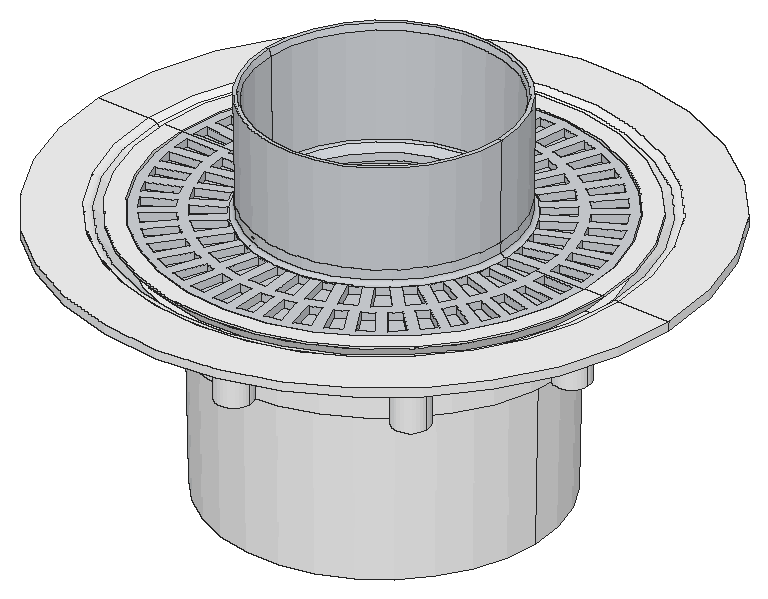
Revit family "3000.125 & 126 DPJ 100x150", category Plumbing Fixtures, Revit 2019
Family settings
  Round Connector Dimension = Use Diameter
  Part Type = Normal
  OmniClass Number = 23.45.00.00
  Work Plane-Based = No
  Always vertical = Yes
  Cut with Voids When Loaded = No
  Shared = No
  Room Calculation Point = No
Parameters (values of type "DPJ 100x150v")
  Waste Connection = yes
  Vent Connection = no
  V = not(NV)  # yes
  URL = "www.aquaknight.co.nz"
  Phone = "+6498322214"  # constant formula
  NV = no
  Model = "3000.125"
  Manufacturer = "Aquanight Industries Ltd"  # constant formula
  Inlet = 25.5 mm
  HW Connection = no
  Email = "info@aquaknight.co.nz"  # constant formula
  Description = "DownPipe Junction 100 x150 vented"
  CW Connection = no
Types (2, lengths in mm): name | V | NV | Model | Inlet | Description
  DPJ 100x150v | yes | no | "3000.125" | 25.5 | "DownPipe Junction 100 x150 vented"
  DPJ 100x150nv | no | yes | "3000.126" | 29.5 | "DownPipe Junction 150 x150 non-vented"
Reference planes
  plane 1 "Center (Front/Back)": y = 0
  plane 2: z = 0
  plane 3 "Center (Left/Right)": x = 0
  plane 4: z = -82.169
  plane 5: z = 25.5
Forms (mm)
  Revolve 1, solid, material "Plastic, Glossy White"
    sketch origin (0, 0, -4) x (1, 0, 0) y (0, 0, 1)
      loop
        line (100.065, -12.627) -> (84.899, -12.627) -> (84.899, -34.638) -> (78.498, -34.638)
        arc (78.498, -34.638) -> (74.999, -36.066) -> (73.499, -39.535) r 5
        line (73.499, -39.535) -> (71.887, -117.73) -> (75.352, -117.73) -> (76.937, -41.191)
        arc (76.937, -41.191) -> (77.704, -39.405) -> (79.503, -38.669) r 2.566
        line (79.503, -38.669) -> (88.828, -38.669) -> (88.828, -19.345) -> (100.327, -19.345)
        arc (100.327, -19.345) -> (102.992, -18.242) -> (104.095, -15.577) r 3.768
        line (104.095, -15.577) -> (104.095, -11.777) -> (115.842, -0.031) -> (141.078, -0.031) -> (141.078, 4) -> (116.336, 4)
        arc (116.336, 4) -> (114.328, 3.584) -> (112.65, 2.404) r 5.052
        line (112.65, 2.404) -> (100.065, -10.108) -> (100.065, -12.627)
      loop
        line (84.5, -5) -> (100.5, -5) -> (108.637, 3.137) -> (108.637, 4) -> (100.25, 4) -> (100.25, -0.5) -> (84.5, -0.5) -> (84.5, -5)
      axis (0, 4) -> (0, -117.73)
    angle from 0 to 360
  Extrusion 2, solid, material "Plastic, Glossy White", detail levels fine
    sketch origin (0, 0, -4) x (1, 0, 0) y (0, 1, 0)
      loop
        circle (67.55, 0) r 8.2
      loop
        circle (33.775, 58.5) r 8.2
      loop
        circle (33.775, -58.5) r 8.2
      loop
        circle (-67.55, 0) r 8.2
      loop
        circle (-33.775, 58.5) r 8.2
      loop
        circle (-33.775, -58.5) r 8.2
    from -38.379 to -12.5
  Extrusion 3, void
    sketch origin (0, -279.02, 0) x (1, 0, 0) y (0, 1, 0)
      loop
        line (-0.945, 339.379) -> (4.908, 339.379) -> (6.697, 354.227) -> (-1.771, 354.503) -> (-0.945, 339.379)
      loop
        line (-11.412, 338.298) -> (-5.648, 339.314) -> (-6.464, 354.247) -> (-14.852, 353.049) -> (-11.412, 338.298)
      loop
        line (-21.532, 335.416) -> (-16.033, 337.418) -> (-19.429, 351.982) -> (-27.481, 349.345) -> (-21.532, 335.416)
      loop
        line (-30.998, 330.82) -> (-25.93, 333.746) -> (-31.804, 347.499) -> (-39.276, 343.505) -> (-30.998, 330.82)
      loop
        line (-39.522, 324.65) -> (-35.039, 328.412) -> (-43.212, 340.936) -> (-49.877, 335.705) -> (-39.522, 324.65)
      loop
        line (-46.845, 317.094) -> (-43.083, 321.578) -> (-53.307, 332.492) -> (-58.962, 326.183) -> (-46.845, 317.094)
      loop
        line (-52.745, 308.381) -> (-49.819, 313.45) -> (-61.782, 322.423) -> (-66.256, 315.228) -> (-52.745, 308.381)
      loop
        line (-57.042, 298.776) -> (-55.041, 304.276) -> (-68.381, 311.035) -> (-71.537, 303.172) -> (-57.042, 298.776)
      loop
        line (-59.606, 288.571) -> (-58.59, 294.334) -> (-72.901, 298.675) -> (-74.644, 290.383) -> (-59.606, 288.571)
      loop
        line (-60.359, 278.075) -> (-60.359, 283.928) -> (-75.207, 285.717) -> (-75.483, 277.249) -> (-60.359, 278.075)
      loop
        line (-59.278, 267.608) -> (-60.294, 273.372) -> (-75.227, 272.556) -> (-74.029, 264.168) -> (-59.278, 267.608)
      loop
        line (-56.396, 257.488) -> (-58.398, 262.988) -> (-72.962, 259.591) -> (-70.325, 251.539) -> (-56.396, 257.488)
      loop
        line (-51.8, 248.022) -> (-54.726, 253.09) -> (-68.479, 247.216) -> (-64.485, 239.744) -> (-51.8, 248.022)
      loop
        line (-45.63, 239.498) -> (-49.392, 243.981) -> (-61.916, 235.808) -> (-56.685, 229.143) -> (-45.63, 239.498)
      loop
        line (-38.074, 232.175) -> (-42.557, 235.937) -> (-53.472, 225.713) -> (-47.163, 220.058) -> (-38.074, 232.175)
      loop
        line (-29.361, 226.275) -> (-34.43, 229.201) -> (-43.403, 217.238) -> (-36.208, 212.764) -> (-29.361, 226.275)
      loop
        line (-19.756, 221.978) -> (-25.256, 223.979) -> (-32.015, 210.639) -> (-24.152, 207.483) -> (-19.756, 221.978)
      loop
        line (-9.551, 219.414) -> (-15.314, 220.43) -> (-19.655, 206.119) -> (-11.363, 204.376) -> (-9.551, 219.414)
      loop
        line (0.945, 218.661) -> (-4.908, 218.661) -> (-6.697, 203.813) -> (1.771, 203.537) -> (0.945, 218.661)
      loop
        line (11.412, 219.742) -> (5.648, 218.726) -> (6.464, 203.793) -> (14.852, 204.991) -> (11.412, 219.742)
      loop
        line (21.532, 222.624) -> (16.033, 220.623) -> (19.429, 206.058) -> (27.481, 208.695) -> (21.532, 222.624)
      loop
        line (30.998, 227.22) -> (25.93, 224.294) -> (31.804, 210.541) -> (39.276, 214.535) -> (30.998, 227.22)
      loop
        line (39.522, 233.39) -> (35.039, 229.628) -> (43.212, 217.104) -> (49.877, 222.335) -> (39.522, 233.39)
      loop
        line (46.845, 240.946) -> (43.083, 236.463) -> (53.307, 225.548) -> (58.962, 231.857) -> (46.845, 240.946)
      loop
        line (52.745, 249.659) -> (49.819, 244.59) -> (61.782, 235.617) -> (66.256, 242.812) -> (52.745, 249.659)
      loop
        line (57.042, 259.264) -> (55.041, 253.764) -> (68.381, 247.005) -> (71.537, 254.868) -> (57.042, 259.264)
      loop
        line (59.606, 269.469) -> (58.59, 263.706) -> (72.901, 259.365) -> (74.644, 267.657) -> (59.606, 269.469)
      loop
        line (60.359, 279.965) -> (60.359, 274.113) -> (75.207, 272.323) -> (75.483, 280.791) -> (60.359, 279.965)
      loop
        line (59.278, 290.432) -> (60.294, 284.668) -> (75.227, 285.484) -> (74.029, 293.872) -> (59.278, 290.432)
      loop
        line (56.396, 300.552) -> (58.398, 295.053) -> (72.962, 298.449) -> (70.325, 306.501) -> (56.396, 300.552)
      loop
        line (51.8, 310.018) -> (54.726, 304.95) -> (68.479, 310.824) -> (64.485, 318.296) -> (51.8, 310.018)
      loop
        line (45.63, 318.542) -> (49.392, 314.059) -> (61.916, 322.232) -> (56.685, 328.897) -> (45.63, 318.542)
      loop
        line (38.074, 325.865) -> (42.557, 322.103) -> (53.472, 332.327) -> (47.163, 337.982) -> (38.074, 325.865)
      loop
        line (29.361, 331.765) -> (34.43, 328.839) -> (43.403, 340.802) -> (36.208, 345.276) -> (29.361, 331.765)
      loop
        line (19.756, 336.062) -> (25.256, 334.061) -> (32.015, 347.401) -> (24.152, 350.557) -> (19.756, 336.062)
      loop
        line (9.551, 338.626) -> (15.314, 337.61) -> (19.655, 351.921) -> (11.363, 353.664) -> (9.551, 338.626)
    from -4 to 0
  Revolve 4, solid, visible <- "V"
    sketch origin (0, 0, 0) x (1, 0, 0) y (0, 0, 1)
      loop
        line (55.916, 48.223) -> (55.292, 0.577)
        arc (55.292, 0.577) -> (55.159, -0.061) -> (54.795, -0.601) r 1.698
        line (54.795, -0.601) -> (51.761, -3.636) -> (51.461, -7.06) -> (51.548, -8.048) -> (52.974, -8.048) -> (55.827, -4.5) -> (99.5, -4.5) -> (99.5, -0.5) -> (60.182, -0.5)
        arc (60.182, -0.5) -> (58.77, 0.07) -> (58.152, 1.46) r 2.031
        line (58.152, 1.46) -> (57.962, 5.895) -> (58.555, 51.208) -> (56.758, 51.208) -> (55.916, 48.223)
      axis (0, 51.208) -> (0, -8.048)
    angle from 0 to 360
  Revolve 5, solid, material "Stainless Steel", visible <- "NV"
    sketch origin (0, 0, 0) x (1, 0, 0) y (0, 0, 1)
      loop
        line (-55.749, 53.513) -> (-56.351, 55.647) -> (-58.405, 55.647) -> (-57.814, 10.531) -> (-57.978, 5.83)
        arc (-57.978, 5.83) -> (-58.588, 4.461) -> (-59.977, 3.9) r 2
        line (-59.977, 3.9) -> (-108.5, 3.9) -> (-108.5, 0) -> (-55.655, 0) -> (-52.578, -3.54) -> (-51.583, -3.54) -> (-51.583, 0.864) -> (-55.106, 4.387) -> (-55.749, 53.513)
      axis (0, 55.647) -> (0, -3.54)
    angle from 0 to 360
  Extrusion 6, void
    sketch origin (-225, -279.02, 0) x (1, 0, 0) y (0, 1, 0)
      loop
        line (226.472, 359.164) -> (232.256, 358.868) -> (234.049, 373.739) -> (226.307, 374.161) -> (226.472, 359.164)
      loop
        line (215.998, 358.67) -> (221.772, 359.132) -> (221.608, 374.11) -> (213.878, 373.518) -> (215.998, 358.67)
      loop
        line (205.679, 356.814) -> (211.343, 358.025) -> (209.225, 372.853) -> (201.639, 371.258) -> (205.679, 356.814)
      loop
        line (195.69, 353.627) -> (201.147, 355.567) -> (197.112, 369.992) -> (189.799, 367.419) -> (195.69, 353.627)
      loop
        line (186.203, 349.163) -> (191.36, 351.798) -> (185.477, 365.573) -> (178.562, 362.068) -> (186.203, 349.163)
      loop
        line (177.379, 343.498) -> (182.148, 346.785) -> (174.518, 359.674) -> (168.119, 355.296) -> (177.379, 343.498)
      loop
        line (169.37, 336.731) -> (173.67, 340.612) -> (164.422, 352.395) -> (158.65, 347.219) -> (169.37, 336.731)
      loop
        line (162.314, 328.976) -> (166.07, 333.385) -> (155.363, 343.86) -> (150.315, 337.976) -> (162.314, 328.976)
      loop
        line (156.329, 320.367) -> (159.478, 325.228) -> (147.495, 334.216) -> (143.259, 327.723) -> (156.329, 320.367)
      loop
        line (151.52, 311.05) -> (154.007, 316.28) -> (140.954, 323.627) -> (137.601, 316.637) -> (151.52, 311.05)
      loop
        line (147.968, 301.184) -> (149.751, 306.695) -> (135.851, 312.275) -> (133.439, 304.907) -> (147.968, 301.184)
      loop
        line (145.734, 290.94) -> (146.782, 296.636) -> (132.273, 300.354) -> (130.844, 292.735) -> (145.734, 290.94)
      loop
        line (144.856, 280.492) -> (145.152, 286.276) -> (130.281, 288.069) -> (129.859, 280.327) -> (144.856, 280.492)
      loop
        line (145.35, 270.018) -> (144.888, 275.792) -> (129.91, 275.628) -> (130.502, 267.898) -> (145.35, 270.018)
      loop
        line (147.206, 259.699) -> (145.995, 265.363) -> (131.167, 263.245) -> (132.762, 255.659) -> (147.206, 259.699)
      loop
        line (150.394, 249.71) -> (148.453, 255.168) -> (134.029, 251.132) -> (136.601, 243.819) -> (150.394, 249.71)
      loop
        line (154.858, 240.223) -> (152.222, 245.38) -> (138.447, 239.497) -> (141.952, 232.582) -> (154.858, 240.223)
      loop
        line (160.522, 231.399) -> (157.235, 236.169) -> (144.346, 228.538) -> (148.724, 222.139) -> (160.522, 231.399)
      loop
        line (167.289, 223.391) -> (163.408, 227.69) -> (151.625, 218.442) -> (156.801, 212.67) -> (167.289, 223.391)
      loop
        line (175.044, 216.334) -> (170.635, 220.09) -> (160.16, 209.383) -> (166.045, 204.335) -> (175.044, 216.334)
      loop
        line (183.653, 210.349) -> (178.792, 213.498) -> (169.804, 201.515) -> (176.297, 197.279) -> (183.653, 210.349)
      loop
        line (192.971, 205.54) -> (187.74, 208.027) -> (180.393, 194.974) -> (187.383, 191.622) -> (192.971, 205.54)
      loop
        line (202.836, 201.988) -> (197.325, 203.771) -> (191.745, 189.871) -> (199.113, 187.459) -> (202.836, 201.988)
      loop
        line (213.08, 199.754) -> (207.384, 200.802) -> (203.666, 186.293) -> (211.285, 184.864) -> (213.08, 199.754)
      loop
        line (223.528, 198.876) -> (217.744, 199.172) -> (215.951, 184.301) -> (223.693, 183.879) -> (223.528, 198.876)
      loop
        line (234.002, 199.37) -> (228.228, 198.908) -> (228.392, 183.93) -> (236.122, 184.522) -> (234.002, 199.37)
      loop
        line (244.321, 201.226) -> (238.657, 200.015) -> (240.775, 185.187) -> (248.361, 186.782) -> (244.321, 201.226)
      loop
        line (254.31, 204.414) -> (248.853, 202.473) -> (252.888, 188.049) -> (260.201, 190.621) -> (254.31, 204.414)
      loop
        line (263.797, 208.878) -> (258.64, 206.242) -> (264.523, 192.467) -> (271.438, 195.972) -> (263.797, 208.878)
      loop
        line (272.621, 214.542) -> (267.852, 211.255) -> (275.482, 198.366) -> (281.881, 202.744) -> (272.621, 214.542)
      loop
        line (280.63, 221.309) -> (276.33, 217.428) -> (285.578, 205.645) -> (291.35, 210.821) -> (280.63, 221.309)
      loop
        line (287.686, 229.064) -> (283.93, 224.655) -> (294.637, 214.18) -> (299.685, 220.065) -> (287.686, 229.064)
      loop
        line (293.671, 237.674) -> (290.522, 232.812) -> (302.505, 223.824) -> (306.741, 230.317) -> (293.671, 237.674)
      loop
        line (298.48, 246.991) -> (295.993, 241.76) -> (309.046, 234.413) -> (312.399, 241.403) -> (298.48, 246.991)
      loop
        line (302.032, 256.856) -> (300.249, 251.345) -> (314.149, 245.765) -> (316.561, 253.133) -> (302.032, 256.856)
      loop
        line (304.266, 267.1) -> (303.218, 261.404) -> (317.727, 257.686) -> (319.156, 265.305) -> (304.266, 267.1)
      loop
        line (305.144, 277.548) -> (304.848, 271.764) -> (319.719, 269.972) -> (320.141, 277.713) -> (305.144, 277.548)
      loop
        line (304.65, 288.022) -> (305.112, 282.248) -> (320.09, 282.412) -> (319.498, 290.142) -> (304.65, 288.022)
      loop
        line (302.794, 298.341) -> (304.005, 292.677) -> (318.833, 294.795) -> (317.238, 302.381) -> (302.794, 298.341)
      loop
        line (299.606, 308.33) -> (301.547, 302.873) -> (315.971, 306.908) -> (313.399, 314.221) -> (299.606, 308.33)
      loop
        line (295.142, 317.817) -> (297.778, 312.66) -> (311.553, 318.543) -> (308.048, 325.458) -> (295.142, 317.817)
      loop
        line (289.478, 326.641) -> (292.765, 321.872) -> (305.654, 329.503) -> (301.276, 335.901) -> (289.478, 326.641)
      loop
        line (282.711, 334.65) -> (286.592, 330.35) -> (298.375, 339.598) -> (293.199, 345.37) -> (282.711, 334.65)
      loop
        line (274.956, 341.706) -> (279.365, 337.95) -> (289.84, 348.657) -> (283.955, 353.705) -> (274.956, 341.706)
      loop
        line (266.347, 347.691) -> (271.208, 344.542) -> (280.196, 356.525) -> (273.703, 360.761) -> (266.347, 347.691)
      loop
        line (257.029, 352.5) -> (262.26, 350.013) -> (269.607, 363.066) -> (262.617, 366.419) -> (257.029, 352.5)
      loop
        line (247.164, 356.052) -> (252.675, 354.269) -> (258.255, 368.169) -> (250.887, 370.581) -> (247.164, 356.052)
      loop
        line (236.92, 358.286) -> (242.616, 357.238) -> (246.334, 371.747) -> (238.715, 373.177) -> (236.92, 358.286)
    from -4 to 0
  Extrusion 7, solid, material "Plastic, Glossy White", detail levels fine
    sketch origin (0, 0, 0) x (1, 0, 0) y (0, 1, 0)
      loop
        circle (-93.033, 0) r 8.135
      loop
        circle (93.033, 0) r 8.135
      loop
        circle (0, 93.033) r 8.135
      loop
        circle (0, -93.033) r 8.135
      loop
        circle (-65.785, 65.785) r 8.135
      loop
        circle (65.785, -65.785) r 8.135
      loop
        circle (65.785, 65.785) r 8.135
      loop
        circle (-65.785, -65.785) r 8.135
    from -15.777 to -42.669
Cuts and joins
  Extrusion 3, Extrusion 6 cuts Revolve 4
  Extrusion 6 cuts Revolve 5
Lines and regions (mm)
  Masking region 1
    outline origin (0, 0, 0) x (1, 0, 0) y (0, 1, 0)
      loop
        circle (0, 0) r 141.078
  symbolic lines, style "PlumbingFixtures", detail levels fine
    curve 1: circle (0, 132.524, 0) r 4.294 normal (0, 0, 1)
    curve 2: circle (-93.709, 93.709, 0) r 4.294 normal (0, 0, 1)
    curve 3: circle (-132.524, 0, 0) r 4.294 normal (0, 0, 1)
    curve 4: circle (-93.709, -93.709, 0) r 4.294 normal (0, 0, 1)
    curve 5: circle (0, -132.524, 0) r 4.294 normal (0, 0, 1)
    curve 6: circle (93.709, -93.709, 0) r 4.294 normal (0, 0, 1)
    curve 7: circle (132.524, 0, 0) r 4.294 normal (0, 0, 1)
    curve 8: circle (93.709, 93.709, 0) r 4.294 normal (0, 0, 1)
  symbolic lines
    curve 9: circle (0, 0, 0) r 50 normal (0, 0, 1)
    curve 12: circle (0, 0, 0) r 112.65 normal (0, 0, 1)
  symbolic lines, visible <- "V"
    curve 10: circle (0, 0, 0) r 60 normal (0, 0, 1)
    curve 11: circle (0, 0, 0) r 95 normal (0, 0, 1)
Dimensions and locks
  locked: connector elem to plane 1 "Center (Front/Back)" at 0
  locked: connector elem to plane 3 "Center (Left/Right)" at 0
  "Inlet": plane 5 to level
  cut or joined group of Revolve 5, Extrusion 6 to level = 55.647 mm
  cut or joined group of Extrusion 3, Revolve 4, Extrusion 6 to level = 51.208 mm
  locked: connector elem to plane 3 "Center (Left/Right)"
  locked: connector elem to plane 1 "Center (Front/Back)"
  aligned and locked: level to plane 2
  aligned and locked: Revolve 4 sketch curve to plane 3 "Center (Left/Right)"
  aligned and locked: Revolve 5 sketch curve to plane 3 "Center (Left/Right)"
Automatic sketch dimensions
  Revolve 1 sketch curve to plane 3 "Center (Left/Right)" = 0 mm
  Revolve 1 sketch curve to level = 0 mm  (x2)
  Revolve 1 sketch curve to plane 4 = 39.561 mm
  plane 3 "Center (Left/Right)" to Revolve 1 sketch curve = 71.887 mm
  plane 3 "Center (Left/Right)" to Revolve 1 sketch curve = 73.499 mm
  Revolve 1 sketch curve to Revolve 1 sketch curve = 3.466 mm
  Revolve 1 sketch curve to Revolve 1 sketch curve = 3.439 mm
  Revolve 1 sketch curve to Revolve 1 sketch curve = 1.561 mm
  Revolve 1 sketch curve to Revolve 1 sketch curve = 1.005 mm
  Revolve 1 sketch curve to level = 4.5 mm
  Revolve 1 sketch curve to Revolve 1 sketch curve = 6.002 mm
  Revolve 1 sketch curve to Revolve 1 sketch curve = 6.401 mm
  Revolve 1 sketch curve to Revolve 1 sketch curve = 3.929 mm
  Revolve 1 sketch curve to Revolve 1 sketch curve = 11.237 mm
  Revolve 1 sketch curve to Revolve 1 sketch curve = 0.185 mm
  Revolve 1 sketch curve to Revolve 1 sketch curve = 0.263 mm
  Revolve 1 sketch curve to Revolve 1 sketch curve = 0.25 mm
  Revolve 1 sketch curve to Revolve 1 sketch curve = 4.031 mm
  Revolve 1 sketch curve to level = 0.863 mm
  Revolve 1 sketch curve to Revolve 1 sketch curve = 8.387 mm
  Revolve 1 sketch curve to level = 1.596 mm
  Revolve 1 sketch curve to Revolve 1 sketch curve = 4.013 mm
  Revolve 1 sketch curve to Revolve 1 sketch curve = 3.192 mm
  Revolve 1 sketch curve to Revolve 1 sketch curve = 0.494 mm
  Revolve 1 sketch curve to level = 4.031 mm
  Revolve 1 sketch curve to Revolve 1 sketch curve = 24.742 mm
  Revolve 1 sketch curve to Revolve 1 sketch curve = 40.735 mm
  Revolve 1 sketch curve to Revolve 1 sketch curve = 0.044 mm
  Revolve 1 sketch curve to Revolve 1 sketch curve = 0.969 mm
  Revolve 1 sketch curve to Revolve 1 sketch curve = 18.845 mm
  Revolve 1 sketch curve to Revolve 1 sketch curve = 6.718 mm
  Revolve 1 sketch curve to Revolve 1 sketch curve = 3.8 mm
  Revolve 1 sketch curve to Revolve 1 sketch curve = 2.519 mm
  Revolve 1 sketch curve to Revolve 1 sketch curve = 4.5 mm
  Revolve 1 sketch curve to Revolve 1 sketch curve = 322.37 mm
  level to Revolve 1 sketch curve = 2441.244 mm
  plane 1 "Center (Front/Back)" to Extrusion 2 sketch curve = 0 mm  (x2)
  Extrusion 2 sketch curve to plane 3 "Center (Left/Right)" = 67.55 mm
  Extrusion 2 sketch curve to plane 3 "Center (Left/Right)" = 33.775 mm  (x2)
  plane 3 "Center (Left/Right)" to Extrusion 2 sketch curve = 33.775 mm  (x2)
  Extrusion 2 sketch curve to Extrusion 2 sketch curve = 33.775 mm
  plane 1 "Center (Front/Back)" to Extrusion 2 sketch curve = 58.5 mm  (x2)
  Extrusion 2 sketch curve to plane 1 "Center (Front/Back)" = 58.5 mm  (x2)
  Revolve 4 sketch curve to level = 7.06 mm
  plane 3 "Center (Left/Right)" to Revolve 4 sketch curve = 51.461 mm
  Revolve 4 sketch curve to Revolve 4 sketch curve = 0.086 mm
  Revolve 4 sketch curve to level = 3.636 mm
  Revolve 4 sketch curve to Revolve 4 sketch curve = 0.3 mm
  Revolve 4 sketch curve to level = 8.048 mm
  Revolve 4 sketch curve to Revolve 4 sketch curve = 1.426 mm
  level to Revolve 4 sketch curve = 0.599 mm
  Revolve 4 sketch curve to Revolve 4 sketch curve = 1.834 mm
  Revolve 4 sketch curve to level = 0.601 mm
  Revolve 4 sketch curve to Revolve 4 sketch curve = 1.2 mm
  level to Revolve 4 sketch curve = 0.577 mm
  Revolve 4 sketch curve to Revolve 4 sketch curve = 1.031 mm
  plane 3 "Center (Left/Right)" to Revolve 4 sketch curve = 55.916 mm
  Revolve 4 sketch curve to Revolve 4 sketch curve = 0.842 mm
  level to Revolve 4 sketch curve = 1.46 mm
  Revolve 4 sketch curve to Revolve 4 sketch curve = 2.859 mm
  Revolve 4 sketch curve to Revolve 4 sketch curve = 1.797 mm
  Revolve 4 sketch curve to Revolve 4 sketch curve = 2.03 mm
  Revolve 4 sketch curve to level = 0.5 mm
  Revolve 4 sketch curve to Revolve 4 sketch curve = 39.318 mm
  Revolve 4 sketch curve to Revolve 4 sketch curve = 3.899 mm
  Revolve 4 sketch curve to Revolve 4 sketch curve = 46.763 mm
  Revolve 4 sketch curve to Revolve 4 sketch curve = 2.985 mm
  level to Revolve 4 sketch curve = 5.895 mm
  Revolve 4 sketch curve to Revolve 4 sketch curve = 0.189 mm
  level to Revolve 4 sketch curve = 5.9 mm
  Revolve 4 sketch curve to plane 4 = 357.931 mm
  Revolve 4 sketch curve to Revolve 4 sketch curve = 2394.036 mm
  Revolve 5 sketch curve to level = 0 mm
  Revolve 5 sketch curve to level = 3.54 mm
  Revolve 5 sketch curve to plane 3 "Center (Left/Right)" = 51.583 mm
  Revolve 5 sketch curve to Revolve 5 sketch curve = 0.995 mm
  level to Revolve 5 sketch curve = 4.387 mm
  Revolve 5 sketch curve to Revolve 5 sketch curve = 3.522 mm
  Revolve 5 sketch curve to Revolve 5 sketch curve = 4.072 mm
  Revolve 5 sketch curve to plane 3 "Center (Left/Right)" = 55.749 mm
  Revolve 5 sketch curve to Revolve 5 sketch curve = 0.602 mm
  level to Revolve 5 sketch curve = 5.83 mm
  Revolve 5 sketch curve to Revolve 5 sketch curve = 2.873 mm
  Revolve 5 sketch curve to Revolve 5 sketch curve = 2.054 mm
  Revolve 5 sketch curve to Revolve 5 sketch curve = 1.999 mm
  level to Revolve 5 sketch curve = 3.9 mm
  Revolve 5 sketch curve to Revolve 5 sketch curve = 48.523 mm
  level to Revolve 5 sketch curve = 0.864 mm
  Revolve 5 sketch curve to Revolve 5 sketch curve = 47.683 mm
  Revolve 5 sketch curve to Revolve 5 sketch curve = 2.134 mm
  level to Revolve 5 sketch curve = 10.531 mm
  Revolve 5 sketch curve to plane 4 = 357.931 mm
  Revolve 5 sketch curve to Revolve 5 sketch curve = 2389.596 mm
  Revolve 5 sketch curve to Revolve 5 sketch curve = 0.164 mm
  Extrusion 6 sketch curve to plane 1 "Center (Front/Back)" = 1.307 mm
  Extrusion 6 sketch curve to plane 3 "Center (Left/Right)" = 95.141 mm
  plane 1 "Center (Front/Back)" to Extrusion 6 sketch curve = 3.392 mm
  Extrusion 6 sketch curve to Extrusion 6 sketch curve = 0.052 mm  (x4)
  Extrusion 6 sketch curve to plane 1 "Center (Front/Back)" = 9.049 mm
  Extrusion 6 sketch curve to Extrusion 6 sketch curve = 0.422 mm
  plane 1 "Center (Front/Back)" to Extrusion 6 sketch curve = 11.122 mm
  Extrusion 6 sketch curve to Extrusion 6 sketch curve = 0.592 mm  (x4)
  Extrusion 6 sketch curve to plane 1 "Center (Front/Back)" = 13.715 mm
  Extrusion 6 sketch curve to Extrusion 6 sketch curve = 0.562 mm  (x4)
  plane 1 "Center (Front/Back)" to Extrusion 6 sketch curve = 15.775 mm
  Extrusion 6 sketch curve to Extrusion 6 sketch curve = 0.664 mm  (x4)
  Extrusion 6 sketch curve to plane 1 "Center (Front/Back)" = 21.334 mm
  Extrusion 6 sketch curve to Extrusion 6 sketch curve = 1.429 mm  (x4)
  plane 1 "Center (Front/Back)" to Extrusion 6 sketch curve = 23.361 mm
  Extrusion 6 sketch curve to Extrusion 6 sketch curve = 1.596 mm  (x4)
  Extrusion 6 sketch curve to plane 1 "Center (Front/Back)" = 25.887 mm
  Extrusion 6 sketch curve to Extrusion 6 sketch curve = 1.167 mm  (x4)
  plane 1 "Center (Front/Back)" to Extrusion 6 sketch curve = 27.888 mm
  Extrusion 6 sketch curve to Extrusion 6 sketch curve = 1.266 mm  (x4)
  Extrusion 6 sketch curve to plane 1 "Center (Front/Back)" = 33.255 mm
  Extrusion 6 sketch curve to Extrusion 6 sketch curve = 2.411 mm  (x4)
  plane 1 "Center (Front/Back)" to Extrusion 6 sketch curve = 35.201 mm
  Extrusion 6 sketch curve to Extrusion 6 sketch curve = 2.572 mm  (x4)
  Extrusion 6 sketch curve to plane 1 "Center (Front/Back)" = 37.617 mm
  Extrusion 6 sketch curve to Extrusion 6 sketch curve = 1.751 mm  (x4)
  plane 1 "Center (Front/Back)" to Extrusion 6 sketch curve = 39.523 mm
  Extrusion 6 sketch curve to Extrusion 6 sketch curve = 1.846 mm  (x4)
  Extrusion 6 sketch curve to Extrusion 6 sketch curve = 3.352 mm  (x4)
  Extrusion 6 sketch curve to Extrusion 6 sketch curve = 3.505 mm  (x4)
  Extrusion 6 sketch curve to Extrusion 6 sketch curve = 2.305 mm  (x4)
  Extrusion 6 sketch curve to Extrusion 6 sketch curve = 2.394 mm  (x4)
  Extrusion 6 sketch curve to plane 1 "Center (Front/Back)" = 1.472 mm
  Extrusion 6 sketch curve to Extrusion 6 sketch curve = 14.997 mm
  plane 1 "Center (Front/Back)" to Extrusion 6 sketch curve = 3.228 mm
  Extrusion 6 sketch curve to Extrusion 6 sketch curve = 0.032 mm  (x4)
  Extrusion 6 sketch curve to plane 1 "Center (Front/Back)" = 7.256 mm
  Extrusion 6 sketch curve to Extrusion 6 sketch curve = 0.296 mm
  plane 1 "Center (Front/Back)" to Extrusion 6 sketch curve = 9.002 mm
  Extrusion 6 sketch curve to Extrusion 6 sketch curve = 0.462 mm  (x4)
  Extrusion 6 sketch curve to plane 1 "Center (Front/Back)" = 11.92 mm
  Extrusion 6 sketch curve to Extrusion 6 sketch curve = 0.582 mm  (x4)
  plane 1 "Center (Front/Back)" to Extrusion 6 sketch curve = 13.657 mm
  Extrusion 6 sketch curve to Extrusion 6 sketch curve = 0.645 mm  (x4)
  Extrusion 6 sketch curve to plane 1 "Center (Front/Back)" = 17.616 mm
  Extrusion 6 sketch curve to Extrusion 6 sketch curve = 1.048 mm  (x4)
  plane 1 "Center (Front/Back)" to Extrusion 6 sketch curve = 19.321 mm
  Extrusion 6 sketch curve to Extrusion 6 sketch curve = 1.211 mm  (x4)
  Extrusion 6 sketch curve to Extrusion 6 sketch curve = 4.236 mm  (x4)
  Extrusion 6 sketch curve to plane 1 "Center (Front/Back)" = 22.164 mm
  Extrusion 6 sketch curve to Extrusion 6 sketch curve = 1.186 mm  (x4)
  plane 1 "Center (Front/Back)" to Extrusion 6 sketch curve = 23.853 mm
  Extrusion 6 sketch curve to Extrusion 6 sketch curve = 1.247 mm  (x4)
  Extrusion 6 sketch curve to Extrusion 6 sketch curve = 4.377 mm  (x4)
  Extrusion 6 sketch curve to plane 1 "Center (Front/Back)" = 27.675 mm
  Extrusion 6 sketch curve to Extrusion 6 sketch curve = 1.783 mm  (x4)
  Extrusion 6 sketch curve to Extrusion 6 sketch curve = 2.82 mm  (x4)
  plane 1 "Center (Front/Back)" to Extrusion 6 sketch curve = 29.31 mm
  Extrusion 6 sketch curve to Extrusion 6 sketch curve = 1.94 mm  (x4)
  Extrusion 6 sketch curve to plane 1 "Center (Front/Back)" = 32.029 mm
  Extrusion 6 sketch curve to Extrusion 6 sketch curve = 1.769 mm  (x4)
  Extrusion 6 sketch curve to Extrusion 6 sketch curve = 2.902 mm  (x4)
  plane 1 "Center (Front/Back)" to Extrusion 6 sketch curve = 33.64 mm
  Extrusion 6 sketch curve to Extrusion 6 sketch curve = 1.828 mm  (x4)
  Extrusion 6 sketch curve to Extrusion 6 sketch curve = 2.487 mm  (x4)
  Extrusion 6 sketch curve to Extrusion 6 sketch curve = 2.636 mm  (x4)
  Extrusion 6 sketch curve to Extrusion 6 sketch curve = 5.047 mm  (x4)
  Extrusion 6 sketch curve to Extrusion 6 sketch curve = 2.322 mm  (x4)
  Extrusion 6 sketch curve to Extrusion 6 sketch curve = 5.175 mm  (x4)
  Extrusion 6 sketch curve to Extrusion 6 sketch curve = 2.378 mm  (x4)
  Extrusion 6 sketch curve to Extrusion 6 sketch curve = 3.287 mm  (x8)
  Extrusion 6 sketch curve to Extrusion 6 sketch curve = 3.149 mm  (x4)
  Extrusion 6 sketch curve to Extrusion 6 sketch curve = 3.36 mm  (x4)
  Extrusion 6 sketch curve to Extrusion 6 sketch curve = 2.836 mm  (x4)
  Extrusion 6 sketch curve to Extrusion 6 sketch curve = 2.886 mm  (x4)
  Extrusion 6 sketch curve to Extrusion 6 sketch curve = 5.772 mm  (x4)
  Extrusion 6 sketch curve to Extrusion 6 sketch curve = 5.884 mm  (x4)
  Extrusion 6 sketch curve to Extrusion 6 sketch curve = 3.756 mm  (x4)
  Extrusion 6 sketch curve to Extrusion 6 sketch curve = 3.881 mm  (x4)
  Extrusion 6 sketch curve to Extrusion 6 sketch curve = 3.697 mm  (x4)
  Extrusion 6 sketch curve to Extrusion 6 sketch curve = 3.301 mm  (x4)
  Extrusion 6 sketch curve to Extrusion 6 sketch curve = 3.76 mm  (x4)
  Extrusion 6 sketch curve to Extrusion 6 sketch curve = 3.346 mm  (x4)
  Extrusion 6 sketch curve to Extrusion 6 sketch curve = 4.3 mm  (x4)
  Extrusion 6 sketch curve to Extrusion 6 sketch curve = 6.398 mm  (x4)
  Extrusion 6 sketch curve to Extrusion 6 sketch curve = 4.409 mm  (x4)
  Extrusion 6 sketch curve to Extrusion 6 sketch curve = 6.493 mm  (x4)
  Extrusion 6 sketch curve to Extrusion 6 sketch curve = 3.709 mm  (x4)
  Extrusion 6 sketch curve to Extrusion 6 sketch curve = 4.044 mm  (x4)
  Extrusion 6 sketch curve to Extrusion 6 sketch curve = 3.748 mm  (x4)
  Extrusion 6 sketch curve to Extrusion 6 sketch curve = 4.096 mm  (x4)
  Extrusion 6 sketch curve to Extrusion 6 sketch curve = 4.769 mm  (x4)
  Extrusion 6 sketch curve to Extrusion 6 sketch curve = 4.862 mm  (x4)
  Extrusion 6 sketch curve to Extrusion 6 sketch curve = 6.915 mm  (x4)
  Extrusion 6 sketch curve to Extrusion 6 sketch curve = 4.054 mm  (x4)
  Extrusion 6 sketch curve to Extrusion 6 sketch curve = 6.99 mm  (x4)
  Extrusion 6 sketch curve to Extrusion 6 sketch curve = 4.086 mm  (x4)
  Extrusion 6 sketch curve to Extrusion 6 sketch curve = 4.322 mm  (x2)
  Extrusion 6 sketch curve to Extrusion 6 sketch curve = 5.157 mm  (x3)
  Extrusion 6 sketch curve to Extrusion 6 sketch curve = 4.362 mm  (x2)
  Extrusion 6 sketch curve to Extrusion 6 sketch curve = 5.231 mm  (x3)
  Extrusion 6 sketch curve to Extrusion 6 sketch curve = 4.33 mm  (x2)
  Extrusion 6 sketch curve to Extrusion 6 sketch curve = 7.313 mm  (x2)
  Extrusion 6 sketch curve to Extrusion 6 sketch curve = 4.354 mm  (x2)
  Extrusion 6 sketch curve to Extrusion 6 sketch curve = 7.368 mm  (x2)
  Extrusion 6 sketch curve to Extrusion 6 sketch curve = 5.457 mm  (x2)
  Extrusion 6 sketch curve to Extrusion 6 sketch curve = 4.526 mm  (x2)
  Extrusion 6 sketch curve to Extrusion 6 sketch curve = 5.511 mm  (x2)
  Extrusion 6 sketch curve to Extrusion 6 sketch curve = 4.553 mm  (x2)
  Extrusion 6 sketch curve to Extrusion 6 sketch curve = 4.531 mm  (x2)
  Extrusion 6 sketch curve to Extrusion 6 sketch curve = 4.548 mm  (x2)
  Extrusion 6 sketch curve to Extrusion 6 sketch curve = 7.587 mm  (x2)
  Extrusion 6 sketch curve to Extrusion 6 sketch curve = 7.62 mm  (x2)
  Extrusion 6 sketch curve to Extrusion 6 sketch curve = 5.664 mm  (x2)
  Extrusion 6 sketch curve to Extrusion 6 sketch curve = 5.696 mm  (x2)
  Extrusion 6 sketch curve to Extrusion 6 sketch curve = 4.653 mm  (x2)
  Extrusion 6 sketch curve to Extrusion 6 sketch curve = 4.666 mm  (x2)
  Extrusion 6 sketch curve to Extrusion 6 sketch curve = 4.655 mm  (x2)
  Extrusion 6 sketch curve to Extrusion 6 sketch curve = 4.664 mm  (x2)
  Extrusion 6 sketch curve to plane 3 "Center (Left/Right)" = 3.392 mm
  Extrusion 6 sketch curve to plane 3 "Center (Left/Right)" = 3.228 mm
  Extrusion 6 sketch curve to plane 3 "Center (Left/Right)" = 1.472 mm
  Extrusion 6 sketch curve to plane 3 "Center (Left/Right)" = 1.307 mm
  plane 3 "Center (Left/Right)" to Extrusion 6 sketch curve = 1.307 mm
  plane 3 "Center (Left/Right)" to Extrusion 6 sketch curve = 1.472 mm
  plane 3 "Center (Left/Right)" to Extrusion 6 sketch curve = 3.228 mm
  plane 3 "Center (Left/Right)" to Extrusion 6 sketch curve = 3.392 mm
  Extrusion 6 sketch curve to Extrusion 6 sketch curve = 5.784 mm
  Extrusion 6 sketch curve to Extrusion 6 sketch curve = 5.774 mm
  Extrusion 6 sketch curve to Extrusion 6 sketch curve = 7.741 mm
  Extrusion 6 sketch curve to Extrusion 6 sketch curve = 7.73 mm
  Extrusion 6 sketch curve to plane 1 "Center (Front/Back)" = 33.64 mm
  plane 1 "Center (Front/Back)" to Extrusion 6 sketch curve = 32.029 mm
  Extrusion 6 sketch curve to plane 1 "Center (Front/Back)" = 29.31 mm
  plane 1 "Center (Front/Back)" to Extrusion 6 sketch curve = 27.675 mm
  Extrusion 6 sketch curve to plane 1 "Center (Front/Back)" = 23.853 mm
  plane 1 "Center (Front/Back)" to Extrusion 6 sketch curve = 22.164 mm
  Extrusion 6 sketch curve to plane 1 "Center (Front/Back)" = 19.321 mm
  plane 1 "Center (Front/Back)" to Extrusion 6 sketch curve = 17.616 mm
  Extrusion 6 sketch curve to plane 1 "Center (Front/Back)" = 13.657 mm
  plane 1 "Center (Front/Back)" to Extrusion 6 sketch curve = 11.92 mm
  Extrusion 6 sketch curve to plane 1 "Center (Front/Back)" = 9.002 mm
  plane 1 "Center (Front/Back)" to Extrusion 6 sketch curve = 7.256 mm
  Extrusion 6 sketch curve to plane 1 "Center (Front/Back)" = 3.228 mm
  plane 1 "Center (Front/Back)" to Extrusion 6 sketch curve = 1.472 mm
  Extrusion 6 sketch curve to plane 1 "Center (Front/Back)" = 39.523 mm
  plane 1 "Center (Front/Back)" to Extrusion 6 sketch curve = 37.617 mm
  Extrusion 6 sketch curve to plane 1 "Center (Front/Back)" = 35.201 mm
  plane 1 "Center (Front/Back)" to Extrusion 6 sketch curve = 33.255 mm
  Extrusion 6 sketch curve to plane 1 "Center (Front/Back)" = 27.888 mm
  plane 1 "Center (Front/Back)" to Extrusion 6 sketch curve = 25.887 mm
  Extrusion 6 sketch curve to plane 1 "Center (Front/Back)" = 23.361 mm
  plane 1 "Center (Front/Back)" to Extrusion 6 sketch curve = 21.334 mm
  Extrusion 6 sketch curve to plane 1 "Center (Front/Back)" = 15.775 mm
  plane 1 "Center (Front/Back)" to Extrusion 6 sketch curve = 13.715 mm
  Extrusion 6 sketch curve to plane 1 "Center (Front/Back)" = 11.122 mm
  plane 1 "Center (Front/Back)" to Extrusion 6 sketch curve = 9.049 mm
  Extrusion 6 sketch curve to plane 1 "Center (Front/Back)" = 3.392 mm
  plane 1 "Center (Front/Back)" to Extrusion 6 sketch curve = 1.307 mm
  Extrusion 6 sketch curve to Extrusion 6 sketch curve = 9.317 mm
  Extrusion 6 sketch curve to Extrusion 6 sketch curve = 9.212 mm
  plane 1 "Center (Front/Back)" to Extrusion 3 sketch curve = 1.771 mm
  Extrusion 3 sketch curve to plane 3 "Center (Left/Right)" = 75.483 mm
  plane 1 "Center (Front/Back)" to Extrusion 3 sketch curve = 6.464 mm
  Extrusion 3 sketch curve to Extrusion 3 sketch curve = 0.256 mm  (x4)
  Extrusion 3 sketch curve to plane 1 "Center (Front/Back)" = 6.697 mm
  Extrusion 3 sketch curve to Extrusion 3 sketch curve = 0.277 mm
  Extrusion 3 sketch curve to plane 1 "Center (Front/Back)" = 11.363 mm
  Extrusion 3 sketch curve to Extrusion 3 sketch curve = 0.562 mm  (x4)
  plane 1 "Center (Front/Back)" to Extrusion 3 sketch curve = 14.852 mm
  Extrusion 3 sketch curve to Extrusion 3 sketch curve = 1.198 mm  (x4)
  plane 1 "Center (Front/Back)" to Extrusion 3 sketch curve = 19.429 mm
  Extrusion 3 sketch curve to Extrusion 3 sketch curve = 1.067 mm  (x4)
  Extrusion 3 sketch curve to plane 1 "Center (Front/Back)" = 19.655 mm
  Extrusion 3 sketch curve to Extrusion 3 sketch curve = 1.743 mm  (x4)
  Extrusion 3 sketch curve to plane 1 "Center (Front/Back)" = 24.152 mm
  Extrusion 3 sketch curve to Extrusion 3 sketch curve = 1.364 mm  (x4)
  plane 1 "Center (Front/Back)" to Extrusion 3 sketch curve = 27.481 mm
  Extrusion 3 sketch curve to Extrusion 3 sketch curve = 2.636 mm  (x4)
  plane 1 "Center (Front/Back)" to Extrusion 3 sketch curve = 31.804 mm
  Extrusion 3 sketch curve to Extrusion 3 sketch curve = 1.846 mm  (x4)
  Extrusion 3 sketch curve to plane 1 "Center (Front/Back)" = 32.015 mm
  Extrusion 3 sketch curve to Extrusion 3 sketch curve = 3.156 mm  (x4)
  Extrusion 3 sketch curve to Extrusion 3 sketch curve = 2.124 mm  (x4)
  Extrusion 3 sketch curve to Extrusion 3 sketch curve = 3.994 mm  (x4)
  Extrusion 3 sketch curve to Extrusion 3 sketch curve = 2.569 mm  (x4)
  Extrusion 3 sketch curve to Extrusion 3 sketch curve = 4.474 mm  (x4)
  Extrusion 3 sketch curve to plane 1 "Center (Front/Back)" = 4.908 mm
  Extrusion 3 sketch curve to Extrusion 3 sketch curve = 14.848 mm
  plane 1 "Center (Front/Back)" to Extrusion 3 sketch curve = 5.648 mm
  Extrusion 3 sketch curve to Extrusion 3 sketch curve = 0.065 mm  (x4)
  Extrusion 3 sketch curve to plane 1 "Center (Front/Back)" = 9.551 mm
  Extrusion 3 sketch curve to Extrusion 3 sketch curve = 0.753 mm
  plane 1 "Center (Front/Back)" to Extrusion 3 sketch curve = 11.412 mm
  Extrusion 3 sketch curve to Extrusion 3 sketch curve = 1.016 mm  (x8)
  Extrusion 3 sketch curve to Extrusion 3 sketch curve = 2.82 mm  (x4)
  Extrusion 3 sketch curve to plane 1 "Center (Front/Back)" = 15.314 mm
  plane 1 "Center (Front/Back)" to Extrusion 3 sketch curve = 16.033 mm
  Extrusion 3 sketch curve to Extrusion 3 sketch curve = 0.881 mm  (x4)
  Extrusion 3 sketch curve to plane 1 "Center (Front/Back)" = 19.756 mm
  Extrusion 3 sketch curve to Extrusion 3 sketch curve = 1.548 mm  (x4)
  Extrusion 3 sketch curve to Extrusion 3 sketch curve = 5.231 mm  (x4)
  plane 1 "Center (Front/Back)" to Extrusion 3 sketch curve = 21.532 mm
  Extrusion 3 sketch curve to Extrusion 3 sketch curve = 2.002 mm  (x8)
  Extrusion 3 sketch curve to plane 1 "Center (Front/Back)" = 25.256 mm
  plane 1 "Center (Front/Back)" to Extrusion 3 sketch curve = 25.93 mm
  Extrusion 3 sketch curve to Extrusion 3 sketch curve = 1.67 mm  (x4)
  Extrusion 3 sketch curve to Extrusion 3 sketch curve = 3.213 mm  (x4)
  Extrusion 3 sketch curve to Extrusion 3 sketch curve = 5.655 mm  (x4)
  Extrusion 3 sketch curve to Extrusion 3 sketch curve = 2.296 mm  (x4)
  Extrusion 3 sketch curve to Extrusion 3 sketch curve = 2.926 mm  (x8)
  Extrusion 3 sketch curve to Extrusion 3 sketch curve = 3.43 mm  (x4)
  Extrusion 3 sketch curve to Extrusion 3 sketch curve = 2.408 mm  (x4)
  Extrusion 3 sketch curve to Extrusion 3 sketch curve = 6.309 mm  (x4)
  Extrusion 3 sketch curve to Extrusion 3 sketch curve = 2.974 mm  (x4)
  Extrusion 3 sketch curve to Extrusion 3 sketch curve = 3.762 mm  (x8)
  Extrusion 3 sketch curve to Extrusion 3 sketch curve = 3.76 mm  (x4)
  Extrusion 3 sketch curve to Extrusion 3 sketch curve = 6.665 mm  (x4)
  Extrusion 3 sketch curve to Extrusion 3 sketch curve = 3.073 mm  (x4)
  Extrusion 3 sketch curve to Extrusion 3 sketch curve = 3.561 mm  (x4)
  Extrusion 3 sketch curve to Extrusion 3 sketch curve = 3.936 mm  (x4)
  Extrusion 3 sketch curve to Extrusion 3 sketch curve = 4.483 mm  (x8)
  Extrusion 3 sketch curve to Extrusion 3 sketch curve = 7.195 mm  (x4)
  Extrusion 3 sketch curve to Extrusion 3 sketch curve = 3.645 mm  (x4)
  Extrusion 3 sketch curve to Extrusion 3 sketch curve = 4.192 mm  (x4)
  Extrusion 3 sketch curve to Extrusion 3 sketch curve = 7.472 mm  (x4)
  Extrusion 3 sketch curve to Extrusion 3 sketch curve = 4.041 mm  (x4)
  Extrusion 3 sketch curve to Extrusion 3 sketch curve = 5.068 mm  (x6)
  Extrusion 3 sketch curve to Extrusion 3 sketch curve = 4.322 mm  (x2)
  Extrusion 3 sketch curve to Extrusion 3 sketch curve = 4.106 mm  (x4)
  Extrusion 3 sketch curve to Extrusion 3 sketch curve = 7.863 mm  (x2)
  Extrusion 3 sketch curve to Extrusion 3 sketch curve = 4.398 mm  (x2)
  Extrusion 3 sketch curve to Extrusion 3 sketch curve = 5.499 mm  (x4)
  Extrusion 3 sketch curve to Extrusion 3 sketch curve = 4.498 mm  (x2)
  Extrusion 3 sketch curve to Extrusion 3 sketch curve = 8.052 mm  (x2)
  Extrusion 3 sketch curve to Extrusion 3 sketch curve = 4.442 mm  (x2)
  Extrusion 3 sketch curve to Extrusion 3 sketch curve = 4.577 mm  (x2)
  Extrusion 3 sketch curve to Extrusion 3 sketch curve = 4.621 mm  (x2)
  Extrusion 3 sketch curve to Extrusion 3 sketch curve = 8.292 mm  (x2)
  Extrusion 3 sketch curve to Extrusion 3 sketch curve = 5.764 mm  (x3)
  Extrusion 3 sketch curve to Extrusion 3 sketch curve = 4.666 mm  (x2)
  Extrusion 3 sketch curve to plane 3 "Center (Left/Right)" = 6.464 mm
  Extrusion 3 sketch curve to plane 3 "Center (Left/Right)" = 5.648 mm
  Extrusion 3 sketch curve to Extrusion 3 sketch curve = 4.643 mm  (x3)
  Extrusion 3 sketch curve to plane 3 "Center (Left/Right)" = 1.771 mm
  Extrusion 3 sketch curve to plane 3 "Center (Left/Right)" = 0.945 mm
  plane 3 "Center (Left/Right)" to Extrusion 3 sketch curve = 0.945 mm
  plane 3 "Center (Left/Right)" to Extrusion 3 sketch curve = 1.771 mm
  plane 3 "Center (Left/Right)" to Extrusion 3 sketch curve = 4.908 mm
  Extrusion 3 sketch curve to Extrusion 3 sketch curve = 4.703 mm
  Extrusion 3 sketch curve to Extrusion 3 sketch curve = 4.693 mm
  plane 3 "Center (Left/Right)" to Extrusion 3 sketch curve = 6.697 mm
  Extrusion 3 sketch curve to Extrusion 3 sketch curve = 8.388 mm
  Extrusion 3 sketch curve to plane 1 "Center (Front/Back)" = 25.93 mm
  plane 1 "Center (Front/Back)" to Extrusion 3 sketch curve = 25.256 mm
  Extrusion 3 sketch curve to plane 1 "Center (Front/Back)" = 21.532 mm
  plane 1 "Center (Front/Back)" to Extrusion 3 sketch curve = 19.756 mm
  Extrusion 3 sketch curve to plane 1 "Center (Front/Back)" = 16.033 mm
  plane 1 "Center (Front/Back)" to Extrusion 3 sketch curve = 15.314 mm
  Extrusion 3 sketch curve to plane 1 "Center (Front/Back)" = 11.412 mm
  plane 1 "Center (Front/Back)" to Extrusion 3 sketch curve = 9.551 mm
  Extrusion 3 sketch curve to plane 1 "Center (Front/Back)" = 5.648 mm
  Extrusion 3 sketch curve to plane 1 "Center (Front/Back)" = 0.945 mm
  plane 1 "Center (Front/Back)" to Extrusion 3 sketch curve = 32.015 mm
  Extrusion 3 sketch curve to plane 1 "Center (Front/Back)" = 31.804 mm
  Extrusion 3 sketch curve to plane 1 "Center (Front/Back)" = 27.481 mm
  plane 1 "Center (Front/Back)" to Extrusion 3 sketch curve = 24.152 mm
  plane 1 "Center (Front/Back)" to Extrusion 3 sketch curve = 19.655 mm
  Extrusion 3 sketch curve to plane 1 "Center (Front/Back)" = 19.429 mm
  Extrusion 3 sketch curve to plane 1 "Center (Front/Back)" = 14.852 mm
  plane 1 "Center (Front/Back)" to Extrusion 3 sketch curve = 11.363 mm
  plane 1 "Center (Front/Back)" to Extrusion 3 sketch curve = 6.697 mm
  Extrusion 3 sketch curve to plane 1 "Center (Front/Back)" = 6.464 mm
  Extrusion 3 sketch curve to plane 1 "Center (Front/Back)" = 1.771 mm
  Extrusion 3 sketch curve to Extrusion 3 sketch curve = 9.174 mm
  Extrusion 3 sketch curve to Extrusion 3 sketch curve = 9.109 mm
  plane 1 "Center (Front/Back)" to Extrusion 3 sketch curve = 0.945 mm
  plane 1 "Center (Front/Back)" to Extrusion 7 sketch curve = 0 mm  (x2)
  Extrusion 7 sketch curve to plane 3 "Center (Left/Right)" = 0 mm  (x2)
  plane 3 "Center (Left/Right)" to Extrusion 7 sketch curve = 65.785 mm  (x2)
  Extrusion 7 sketch curve to Extrusion 7 sketch curve = 27.249 mm  (x4)
  plane 1 "Center (Front/Back)" to Extrusion 7 sketch curve = 65.785 mm  (x2)
  Extrusion 7 sketch curve to plane 1 "Center (Front/Back)" = 65.785 mm  (x2)
  Extrusion 7 sketch curve to plane 3 "Center (Left/Right)" = 65.785 mm  (x2)
  curve 9 to curve 10 = 0 mm  (x2)
  curve 9 to curve 11 = 0 mm  (x2)
  curve 9 to curve 12 = 0 mm  (x2)
  curve 10 to curve 11 = 0 mm  (x2)
  curve 10 to curve 12 = 0 mm  (x2)
  curve 11 to curve 12 = 0 mm  (x2)
  curve 5 to plane 3 "Center (Left/Right)" = 0 mm
  plane 1 "Center (Front/Back)" to curve 3 = 0 mm
  plane 1 "Center (Front/Back)" to curve 11 = 0 mm
  plane 1 "Center (Front/Back)" to curve 7 = 0 mm
  curve 1 to plane 3 "Center (Left/Right)" = 0 mm
  curve 9 to plane 3 "Center (Left/Right)" = 0 mm
  plane 1 "Center (Front/Back)" to curve 6 = 93.709 mm
  plane 1 "Center (Front/Back)" to curve 4 = 93.709 mm
  curve 5 to curve 6 = 38.815 mm
  curve 2 to plane 1 "Center (Front/Back)" = 93.709 mm
  curve 8 to plane 1 "Center (Front/Back)" = 93.709 mm
  curve 2 to curve 1 = 38.815 mm
  plane 3 "Center (Left/Right)" to curve 8 = 93.709 mm
  plane 3 "Center (Left/Right)" to curve 6 = 93.709 mm
  curve 7 to curve 8 = 38.815 mm
  curve 2 to plane 3 "Center (Left/Right)" = 93.709 mm
  curve 4 to plane 3 "Center (Left/Right)" = 93.709 mm
  curve 4 to curve 3 = 38.815 mm
  plane 1 "Center (Front/Back)" to Masking region 1 sketch curve = 0 mm
  Masking region 1 sketch curve to plane 3 "Center (Left/Right)" = 0 mm
  radius of Extrusion 2 sketch curve = 8.2 mm  (x6)
  radius of Extrusion 7 sketch curve = 8.135 mm  (x8)
  radius of curve 1 = 4.294 mm
  radius of curve 2 = 4.294 mm
  radius of curve 3 = 4.294 mm
  radius of curve 4 = 4.294 mm
  radius of curve 5 = 4.294 mm
  radius of curve 6 = 4.294 mm
  radius of curve 7 = 4.294 mm
  radius of curve 8 = 4.294 mm
  radius of curve 9 = 50 mm
  radius of curve 10 = 60 mm
  radius of curve 11 = 95 mm
  radius of curve 12 = 112.65 mm
  radius of Masking region 1 sketch curve = 141.078 mm
Connectors
  piping at (0, 0, -82.169), diameter 150
    settings: on plane 4, index 1, connector inside diameter 609.6 mm, connector length 0 mm, flow factor 0, pipe flow 0.0 L/s, pressure drop 0.0 Pa, fitting loss kfactor 0, connector angle 0.00°, fixture units 0, engagement length 0 mm, angle of deflection 0.00°, flow configuration 0, flow direction 0, fitting loss method 0, system type 28, joint type 0, gender type 0, connector reference index 2, connector utility 0, adjustable connector no, is connector primary no, connector description ""
  piping at (0, 0, 25.5), diameter 100
    settings: on plane 5, index 2, connector inside diameter 609.6 mm, connector length 0 mm, flow factor 0, pipe flow 0.0 L/s, pressure drop 0.0 Pa, fitting loss kfactor 0, connector angle 0.00°, fixture units 0, engagement length 0 mm, angle of deflection 0.00°, flow configuration 0, flow direction 0, fitting loss method 0, system type 28, joint type 0, gender type 0, connector reference index 1, connector utility 0, adjustable connector no, is connector primary yes, connector description ""
